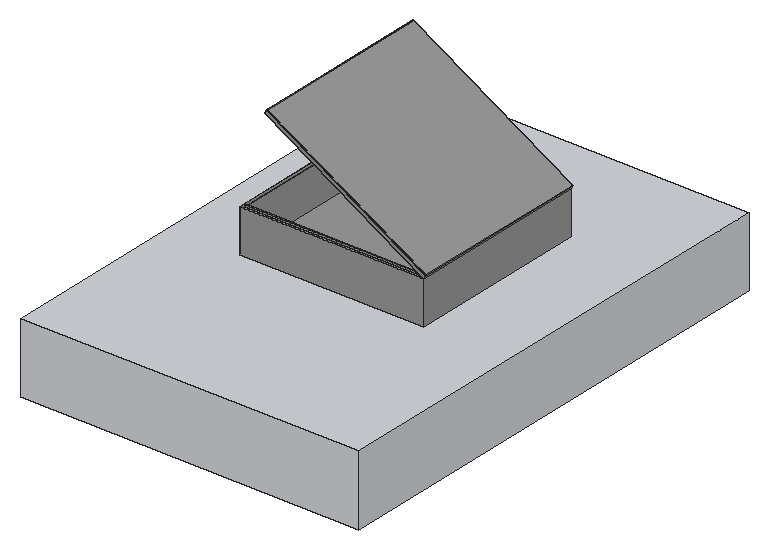
Revit family "Hager-Univers-IP44-D205-H800-Cl.II-Encl-SE-en", category Equipement électrique, Revit 2020
Family settings
  Hôte = Face
  Configuration du panneau = Deux colonnes, circuits au sein
  Cote de connecteur circulaire = Utiliser le diamètre
  Type d'élément = Tableau de raccordement
  Couper avec des vides une fois chargée = Non
  Partagée = Non
  Point de calcul de pièce = Non
Parameters (values of type "Surface mounted (plaster) IP44 W800 H800 D205  - FP53SN2")
  Width Control [instance] = if([EF000008 - Width] > Min Width, [EF000008 - Width], Min Width)  # 800 mm
  Commentaires du type = [HG000003 - Range]  # "Univers"
  Thickness Door [instance] = if([EF009171 - Material plate thickness door/cover] > 3 mm, 3 mm, [EF009171 - Material plate thickness door/cover])  # 1 mm
  Seal Frame Offset [instance] = 17 mm  # constant formula
  Plinth Visibility [instance] = [HG000027 - Plinth height] > 0 mm  # no
  Model = ""
  Min Width [instance] = 100 mm  # constant formula
  Min Height [instance] = 100 mm  # constant formula
  Min Depth [instance] = (2 * [EF009170 - Material plate thickness cabinet]) + 1 mm  # 3 mm
  Internal Frame Depth [instance] = (Door System Depth * 0.5)  # 9 mm
  Height Control [instance] = if([EF000040 - Height] > Min Height, [EF000040 - Height], Min Height)  # 800 mm
  HG000027 - Plinth height = 0 mm
  HG000026 - Floor standing = no
  HG000024 - Bottom section height = 800 mm
  HG000023 - Double section enclosure = no
  HG000016 - Door 3d visibility [instance] = yes
  HG000015 - Clearance visibility [instance] = no
  HG000014 - Door on the right [instance] = yes
  HG000013 - Door on the left [instance] = not([HG000014 - Door on the right])  # no
  HG000012 - Door swing angle [instance] = 30.00°
  HG000010 - Asymmetric doors = no
  HG000009 - Double swing door = no
  HG000006 - Flush mounted = no
  HG000004 - Manufacturer reference = "FP53SN2"
  HG000003 - Range = "Univers"
  HG000002 - With door or cover = yes
  Frame Offset Bottom [instance] = 10 mm  # constant formula
  Frame Offset [instance] = 15 mm  # constant formula
  EF015940 - Cover with overpressure release = no
  EF011959 - Degree of protection (NEMA) = ""
  EF009554 - Number of openings for flange plates = 6
  EF009212 - Cover model = "EV000116 - Closed"
  EF009171 - Material plate thickness door/cover = 1 mm
  EF009170 - Material plate thickness cabinet = 1 mm
  Fabricant = "Hager"  # constant formula
  EF008873 - Nominal current (In) = 250 A
  EF007800 - Suitable for lightning protection = no
  EF006306 - With lock = no
  EF006244 - Transparent cover/door = no
  EF005474 - Degree of protection (IP) = "EV006418 - IP44"
  EF004464 - Type of door = "EV002646 - Single"
  EF004427 - Number of modules = 180
  EF004293 - Impact strength = "EV006815 - IK09"
  EF003532 - Suitable for outdoor use = no
  EF002950 - Width in number of modular spacings = 36
  EF001613 - Circuit integrity = "EV000494 - None"
  EF001596 - Material housing = "EV000179 - Steel"
  EF001131 - Internal depth = 130 mm
  EF001088 - Extension possible = yes
  EF000437 - Number of conduit inlets = 6
  EF000339 - Type of cover = "EV004216 - Door"
  EF000266 - Number of rows = 5
  EF000218 - Built-in depth = 205 mm
  EF000118 - With mounting plate = no
  EF000116 - RAL-number = "9010"
  EF000049 - Depth = 205 mm
  EF000040 - Height = 800 mm
  EF000008 - Width = 800 mm
  EF000007 - Colour = "EV000202 - White"
  EF000003 - Mounting method = "EV000384 - Surface mounted (plaster)"
  Door System Leaf Tolerance [instance] = 1.5 mm  # constant formula
  Door System Depth [instance] = 18 mm  # constant formula
  Door Height [instance] = Height Control - [HG000027 - Plinth height]  # 800 mm
  Depth Control [instance] = if([EF000049 - Depth] > Min Depth, [EF000049 - Depth], Min Depth)  # 205 mm
  Default Elevation = 0 mm
  Connector Offset [instance] = Height Control / 2  # 400 mm
  Bottom Top Plate Trim [instance] = 1.5 mm  # constant formula
  Plinth height Ctrl [instance] = if([HG000027 - Plinth height] > 0 mm, [HG000027 - Plinth height], 12 mm)  # 12 mm
Types (5, lengths in mm): name | Width Control | HG000010 - Asymmetric doors | HG000009 - Double swing door | HG000004 - Manufacturer reference | EF009554 - Number of openings for flange plates | EF004464 - Type of door | EF004427 - Number of modules | EF002950 - Width in number of modular spacings | EF000437 - Number of conduit inlets | EF000339 - Type of cover | EF000008 - Width
  Surface mounted (plaster) IP44 W1050 H800 D205  - FP54SN2 | 1050 | no | yes | "FP54SN2" | 8 | "EV003602 - Double" | 240 | 48 | 8 | "EV004216 - Door" | 1050
  Surface mounted (plaster) IP44 W1300 H800 D205  - FP55SN2 | 1300 | yes | yes | "FP55SN2" | 10 | "EV003602 - Double" | 300 | 60 | 10 | "EV004216 - Door" | 1300
  Surface mounted (plaster) IP44 W300 H800 D205  - FP51SN2 | 300 | no | no | "FP51SN2" | 2 | "EV002646 - Single" | 60 | 12 | 2 | "EV001012 - Cover" | 300
  Surface mounted (plaster) IP44 W550 H800 D205  - FP52SN2 | 550 | no | no | "FP52SN2" | 4 | "EV002646 - Single" | 120 | 24 | 4 | "EV001012 - Cover" | 550
  Surface mounted (plaster) IP44 W800 H800 D205  - FP53SN2 | 800 | no | no | "FP53SN2" | 6 | "EV002646 - Single" | 180 | 36 | 6 | "EV004216 - Door" | 800
Reference planes
  plane 1 "Center (Front/Back)": y = 0
  plane 2: z = 0
  plane 3 "Center (Left/Right)": x = 0
  plane 4: z = 205
  plane 5: y = 1
  plane 6: y = 400
  plane 7: y = 0
  plane 8: y = 800
  plane 9: z = 0
  plane 10: x = -385
  plane 11: x = 385
  plane 12: x = 384
  plane 13: x = -384
  plane 14: y = 799
  plane 15: x = -383
  plane 16: x = -400
  plane 17: x = 383
  plane 18: x = 400
  plane 19: x = 399
  plane 20: x = -399
  plane 21: y = 11
  plane 22: y = 800
  plane 23: y = 784
  plane 24: z = 187
  plane 25: z = 1
  plane 26: z = 186
  plane 27: z = 204
Forms (mm)
  Extrusion 1, solid
    sketch origin (0, 0, 0) x (1, 0, 0) y (0, 1, 0)
      loop
        line (-702.964, 1305) -> (-702.964, -811.445) -> (766.763, -811.445) -> (766.763, 1305) -> (-702.964, 1305)
    from 0 to -304.8
  Extrusion 2, solid, material "Hager_Steel_RAL7035_Light_Grey", visible <- "Plinth Visibility", detail levels medium+fine
    sketch origin (0, 0, 0) x (1, 0, 0) y (0, 1, 0)
      loop
        line (-400, 0) -> (400, 0) -> (400, 12) -> (-400, 12) -> (-400, 0)
    from 0 to 187
  Extrusion 3, solid, material "Hager_Steel_RAL7035_Light_Grey", detail levels medium+fine
    sketch origin (0, 0, 0) x (1, 0, 0) y (0, 1, 0)
      loop
        line (-400, 0) -> (400, 0) -> (400, 800) -> (-400, 800) -> (-400, 0)
    from 0 to 187
  Extrusion 4, void
    sketch origin (0, 0, 0) x (1, 0, 0) y (0, 1, 0)
      loop
        line (-399, 1) -> (399, 1) -> (399, 799) -> (-399, 799) -> (-399, 1)
    from 1 to 186
  Extrusion 5, void
    sketch origin (-381.607, -4572, 187) x (0, -1, 0) y (-1, 0, 0)
      loop
        line (-4583, 2.393) -> (-5356, 2.393) -> (-5356, -765.607) -> (-4583, -765.607) -> (-4583, 2.393)
    from 0 to 1 <- "EF009170 - Material plate thickness cabinet"
  Extrusion 6, solid, material "Hager_Steel_RAL7035_Light_Grey", detail levels fine
    sketch origin (0, 0, 187) x (1, 0, 0) y (0, 1, 0)
      loop
        line (-384, 784) -> (-384, 11) -> (384, 11) -> (384, 784) -> (-384, 784)
      loop
        line (-385, 10) -> (385, 10) -> (385, 785) -> (-385, 785) -> (-385, 10)
    from 0 to 9 <- "Internal Frame Depth"
  Extrusion 7, solid, material "Hager_Steel_RAL7035_Light_Grey", detail levels coarse
    sketch origin (0, 0, 0) x (1, 0, 0) y (0, 1, 0)
      loop
        line (-400, 0) -> (400, 0) -> (400, 800) -> (-400, 800) -> (-400, 0)
    from 0 to 205
  Sweep 8, void
    path in 3D
      loop
        line (-400, 12, 0) -> (400, 12, 0) -> (400, 12, 187) -> (-400, 12, 187) -> (-400, 12, 0)
    profile origin (-400, 12, 93.5) x (-1, 0, 0) y (0, -1, 0)
      loop
        line (0, 0) -> (0, 1.5) -> (-1.5, 1.5)
        arc (-1.5, 1.5) -> (-1.061, 0.439) -> (0, 0) r 1.5
Cuts and joins
  Extrusion 4, Extrusion 5 cuts Extrusion 3
  Sweep 8 cuts Extrusion 2
Lines and regions (mm)
  Masking region 1
    outline origin (0, 0, 0) x (1, 0, 0) y (0, 0, 1)
      loop
        line (-400, 205) -> (-400, 0) -> (400, 0) -> (400, 205) -> (-400, 205)
  Masking region 2, detail levels medium+fine
    outline origin (0, 140, 0) x (0, 1, 0) y (0, 0, 1)
      loop
        line (-140, 0) -> (660, 0) -> (660, 187) -> (-140, 187) -> (-140, 0)
  Masking region 3, not visible, detail levels medium+fine
    outline origin (0, 297.922, 0) x (0, 1, 0) y (0, 0, 1)
      loop
        line (113.578, 0) -> (153.578, 0) -> (153.578, 194)
        arc (153.578, 194) -> (150.649, 201.071) -> (143.578, 204) r 10
        line (143.578, 204) -> (113.578, 204) -> (113.578, 0)
  Masking region 4, detail levels coarse
    outline origin (0, 0, 180) x (0, 1, 0) y (0, 0, 1)
      loop
        line (0, -180) -> (800, -180) -> (800, 25) -> (0, 25) -> (0, -180)
  Masking region 5, visible <- "Plinth Visibility", detail levels medium+fine
    outline origin (0, 52.24, 12.345) x (0, 0, -1) y (0, 1, 0)
      loop
        line (10.845, -40.24) -> (-173.155, -40.24)
        arc (-173.155, -40.24) -> (-173.594, -41.301) -> (-174.655, -41.74) r 1.5
        line (-174.655, -41.74) -> (-174.655, -52.24) -> (12.345, -52.24) -> (12.345, -41.74)
        arc (12.345, -41.74) -> (11.285, -41.301) -> (10.845, -40.24) r 1.5
  Masking region 6, detail levels medium+fine
    outline origin (-381.607, -4572, 187) x (-1, 0, 0) y (0, -1, 0)
      loop
        line (18.393, -5372) -> (18.393, -4572) -> (-781.607, -4572) -> (-781.607, -5372) -> (18.393, -5372)
  Masking region 7, visible <- "Plinth Visibility", detail levels medium+fine
    outline origin (-381.607, -4727, 187) x (-1, 0, 0) y (0, -1, 0)
      loop
        arc (16.893, -4739) -> (17.332, -4737.939) -> (18.393, -4737.5) r 1.5
        line (18.393, -4737.5) -> (18.393, -4727) -> (-781.607, -4727) -> (-781.607, -4737.5)
        arc (-781.607, -4737.5) -> (-780.546, -4737.939) -> (-780.107, -4739) r 1.5
        line (-780.107, -4739) -> (16.893, -4739)
  Masking region 8, detail levels coarse
    outline origin (-442.548, -4669.526, 187) x (-1, 0, 0) y (0, -1, 0)
      loop
        line (-42.548, -5469.526) -> (-42.548, -4669.526) -> (-842.548, -4669.526) -> (-842.548, -5469.526) -> (-42.548, -5469.526)
  sketch lines
    curve 1: line (-400, 12, 187) -> (-400, 12, 0)
    curve 2: line (400, 12, 187) -> (-400, 12, 187)
    curve 3: line (400, 12, 187) -> (400, 12, 0)
    curve 4: line (-400, 12, 0) -> (400, 12, 0)
Dimensions and locks
  "Depth Control": plane 4 to Extrusion 1
  "HG000027 - Plinth height": plane 1 "Center (Front/Back)" to plane 7
  "EF009170 - Material plate thickness cabinet": plane 5 to plane 7
  locked: connector elem to plane 3 "Center (Left/Right)"
  equal spacing: plane 8, plane 6, plane 7
  locked: connector elem to plane 6
  "EF009170 - Material plate thickness cabinet": plane 8 to plane 14
  "EF009170 - Material plate thickness cabinet": plane 10 to plane 13
  "EF009170 - Material plate thickness cabinet": plane 12 to plane 11
  "Frame Offset": plane 20 to plane 13
  "Frame Offset": plane 12 to plane 19
  "EF009170 - Material plate thickness cabinet": plane 16 to plane 20
  "EF009170 - Material plate thickness cabinet": plane 19 to plane 18
  "Seal Frame Offset": plane 16 to plane 15
  "Seal Frame Offset": plane 17 to plane 18
  "Frame Offset Bottom": plane 21 to plane 5
  "Frame Offset": plane 14 to plane 23
  equal spacing: plane 16, plane 3 "Center (Left/Right)", plane 18
  "Width Control": plane 16 to plane 18
  "EF009170 - Material plate thickness cabinet": plane 4 to plane 27
  "EF009170 - Material plate thickness cabinet": plane 24 to plane 26
  "EF009170 - Material plate thickness cabinet": plane 25 to level
  "Door System Depth": plane 4 to plane 24
  "Height Control": plane 1 "Center (Front/Back)" to Extrusion 7 sketch curve
  "Height Control": Masking region 4 sketch curve to plane 1 "Center (Front/Back)"
  "Height Control": plane 1 "Center (Front/Back)" to plane 22
  "Bottom Top Plate Trim": profile plane to Sweep 8 sketch curve
  "Bottom Top Plate Trim": Sweep 8 sketch curve to profile plane
  "Plinth height Ctrl": plane 1 "Center (Front/Back)" to Extrusion 2 sketch curve
  "Plinth height Ctrl": Masking region 5 sketch curve to plane 1 "Center (Front/Back)"
  "Plinth height Ctrl": plane 1 "Center (Front/Back)" to Masking region 7 sketch curve
  "Thickness Door": Extrusion 6 sketch curve to Extrusion 6 sketch curve  (x3)
  "Thickness Door": cut or joined group of Extrusion 3, Extrusion 4, Extrusion 5 to Extrusion 6 sketch curve
  radius of Masking region 3 sketch curve = 10 mm
  "Bottom Top Plate Trim": radius of Masking region 5 sketch curve  (x2)
  "Bottom Top Plate Trim": radius of Sweep 8 sketch curve
  "Bottom Top Plate Trim": radius of Masking region 7 sketch curve  (x2)
  aligned and locked: plane 2 to Extrusion 1
  aligned and locked: level to Extrusion 1
  aligned and locked: level to Masking region 1 sketch curve
  aligned and locked: Masking region 1 sketch curve to plane 18
  aligned and locked: Masking region 1 sketch curve to plane 16
  aligned and locked: plane 7 to Masking region 2 sketch curve
  aligned and locked: level to Masking region 3 sketch curve
  aligned and locked: Masking region 3 sketch curve to plane 27
  aligned and locked: level to Masking region 2 sketch curve
  aligned and locked: plane 1 "Center (Front/Back)" to Extrusion 2 sketch curve
  aligned and locked: Extrusion 3 sketch curve to plane 7
  aligned and locked: plane 16 to Extrusion 3 sketch curve
  aligned and locked: plane 18 to Extrusion 3 sketch curve
  aligned and locked: plane 20 to Extrusion 4 sketch curve
  aligned and locked: plane 19 to Extrusion 4 sketch curve
  aligned and locked: Extrusion 4 sketch curve to plane 5
  aligned and locked: Extrusion 4 to plane 25
  aligned and locked: plane 26 to Extrusion 4
  aligned and locked: plane 24 to Extrusion 3
  aligned and locked: Extrusion 5 sketch curve to plane 21
  aligned and locked: Extrusion 5 sketch curve to plane 13
  aligned and locked: Extrusion 5 sketch curve to plane 12
  aligned and locked: plane 18 to Extrusion 7 sketch curve
  aligned and locked: plane 1 "Center (Front/Back)" to Extrusion 7 sketch curve
  aligned and locked: plane 16 to Extrusion 7 sketch curve
  aligned and locked: plane 4 to Extrusion 7
  aligned and locked: Extrusion 7 to level
  aligned and locked: level to Masking region 4 sketch curve
  aligned and locked: Masking region 4 sketch curve to plane 1 "Center (Front/Back)"
  aligned and locked: Masking region 4 sketch curve to plane 4
  aligned and locked: nested 1 to level
  aligned and locked: nested 1 to plane 16
  aligned and locked: plane 8 to Extrusion 3 sketch curve
  aligned and locked: plane 23 to Extrusion 5 sketch curve
  aligned and locked: plane 14 to Extrusion 4 sketch curve
  aligned and locked: Masking region 2 sketch curve to plane 8
  aligned and locked: level to Masking region 5 sketch curve
  aligned and locked: plane 16 to Extrusion 2 sketch curve
  aligned and locked: plane 18 to Extrusion 2 sketch curve
  aligned and locked: Masking region 5 sketch curve to plane 24
  aligned and locked: Masking region 2 sketch curve to plane 24
  aligned and locked: plane 24 to Extrusion 2
  aligned and locked: profile plane to Sweep 8 sketch curve  (x2)
  aligned and locked: Masking region 6 sketch curve to plane 18
  aligned and locked: Masking region 6 sketch curve to plane 22
  aligned and locked: Masking region 6 sketch curve to plane 16
  aligned and locked: plane 8 to plane 22
  aligned and locked: Masking region 6 sketch curve to plane 7
  aligned and locked: Masking region 7 sketch curve to plane 16
  aligned and locked: Masking region 7 sketch curve to plane 1 "Center (Front/Back)"
  aligned and locked: Masking region 7 sketch curve to plane 18
  aligned and locked: Masking region 8 sketch curve to plane 1 "Center (Front/Back)"
  aligned and locked: Masking region 8 sketch curve to plane 18
  aligned and locked: Masking region 8 sketch curve to plane 22
  aligned and locked: Masking region 8 sketch curve to plane 16
  aligned and locked: nested 2 to plane 7
  aligned and locked: plane 3 "Center (Left/Right)" to nested 2
  aligned and locked: nested 2 to plane 24
  aligned and locked: Extrusion 6 sketch curve to cut or joined group of Extrusion 3, Extrusion 4, Extrusion 5  (x4)
Automatic sketch dimensions
  Extrusion 1 sketch curve to Extrusion 1 sketch curve = 1469.727 mm
  Extrusion 1 sketch curve to Extrusion 1 sketch curve = 2116.445 mm
  Masking region 1 sketch curve to plane 4 = 0 mm
  plane 6 to Masking region 3 sketch curve = 11.5 mm
  Masking region 3 sketch curve to Masking region 3 sketch curve = 30 mm
  Masking region 5 sketch curve to plane 1 "Center (Front/Back)" = 0 mm
Nested families
  nested 1: "Hager_Enclosure_Symbol" at (-400, 0, 0) x (1, 0, 0) z (0, -1, 0), Height <- "Depth Control", Width <- "Width Control", type "Hager_Enclosure_Symbol"
    with Width_Ctrl 800 mm, Width 800 mm, Height_Ctrl 205 mm, Height 205 mm, A_Width_Int 13.453 mm, A_Width 161.438 mm, A_Height_Ctrl 179.375 mm, A_Height 179.375 mm
  nested 2: "EC000058_Univers_Door" at (0, 0, 187) x (1, 0, 0) z (0, 1, 0), Leaf_Tolerance <- "Door System Leaf Tolerance", Angle <- "HG000012 - Door swing angle", Door_Depth <- "Door System Depth", Door_Left <- "HG000013 - Door on the left", Transparent <- "EF006244 - Transparent cover/door", Assymetrical <- "HG000010 - Asymmetric doors", Width <- "Width Control", Clearance <- "HG000015 - Clearance visibility", Double <- "HG000009 - Double swing door", 3d_Door <- "HG000016 - Door 3d visibility", Lock_Visibility <- "EF006306 - With lock", Width_Ctrl <- "Width Control", Door_Right <- "HG000014 - Door on the right", Door <- "HG000002 - With door or cover", Height <- "Door Height", Thickness <- "Thickness Door", type "EC000058_Univers_Door", detail levels medium+fine
    with min_wh 3 mm, Width_Ctrl 800 mm, Width 800 mm, Transparent no, Thickness 1 mm, Seal_Material Hager_Rubber, Lock_Visibility no, Lock_Material Hager_Plastic_RAL9005_Jet_Black, Leaf_Width 800 mm, Leaf_Tolerance_External_Sides 0 mm, Leaf_Tolerance 1.5 mm, Leaf_Offset 0 mm, Leaf_Height 797 mm, Leaf_2_Width 800 mm, Leaf_2_Offset 400 mm, Leaf_1_Width 800 mm, Leaf_1_Offset 400 mm, Height_Ctrl 800 mm, Height 800 mm, Glass_Material Hager_Glass, Double_Clearance_Ctrl no, Double no, Door_Right_Ctrl yes, Door_Right yes, Door_Material Hager_Steel_RAL7035_Light_Grey, Door_Left_Ctrl no, Door_Left no, Door_Depth 18 mm, Door yes, Clearance_Material Hager_Clearance, Clearance_Depth 800 mm, Clearance_Ctrl no, Clearance no, Assymetrical no, Angle 30.00°, 3d_Door yes
Connectors
  electrical at (0, 400, 0)
    settings: on plane 9, index 1, voltage 0 V, apparent load 0 VA, apparent load phase1 0 VA, apparent load phase2 0 VA, apparent load phase3 0 VA, power factor 1, load classification "Other", number of poles 1, system type 30, power factor state 1, is connector primary yes, connector utility no, sub classification motor no, connector description ""
Definition of nested family "EC000058_Univers_Door"
  Parameters (values of type "EC000058_Univers_Door")
    min_wh [instance] = (2 * Thickness) + 1 mm  # 11 mm
    Width_Ctrl [instance] = 400 mm
    Width [instance] = 500 mm
    Transparent [instance] = yes
    Thickness [instance] = 5 mm
    Seal_Material [instance] = none
    Lock_Visibility [instance] = yes
    Lock_Material [instance] = none
    Leaf_Width [instance] = if((Width_Ctrl - 2 * Leaf_Tolerance_External_Sides) > 0 mm, (Width_Ctrl - 2 * Leaf_Tolerance_External_Sides), min_wh)  # 400 mm
    Leaf_Tolerance_External_Sides [instance] = 0 mm  # constant formula
    Leaf_Tolerance [instance] = 1.5 mm
    Leaf_Offset [instance] = 0 mm  # constant formula
    Leaf_Height [instance] = if((Height_Ctrl - 2 * Leaf_Tolerance) > 0 mm, (Height_Ctrl - 2 * Leaf_Tolerance), min_wh)  # 497 mm
    Leaf_2_Width [instance] = if(and(and(Double, Assymetrical), Door_Left), (Leaf_Width / 3) - (Leaf_Tolerance / 2), if(and(and(Double, Assymetrical), Door_Right), (Leaf_Width / 3) * 2 - (Leaf_Tolerance / 2), if(and(Double, not(Assymetrical)), (Leaf_Width / 2) - Leaf_Tolerance, Leaf_Width)))  # 400 mm
    Leaf_2_Offset [instance] = if(and(Double, Assymetrical), Leaf_2_Width / 2, if(and(Double, not(Assymetrical)), Leaf_Width / 4, Leaf_Width / 2))  # 200 mm
    Leaf_1_Width [instance] = if(and(and(Double, Assymetrical), Door_Right), (Leaf_Width / 3) - (Leaf_Tolerance / 2), if(and(and(Double, Assymetrical), Door_Left), (Width / 3) * 2 - (Leaf_Tolerance / 2), if(and(Double, not(Assymetrical)), (Leaf_Width / 2) - Leaf_Tolerance, Leaf_Width)))  # 400 mm
    Leaf_1_Offset [instance] = if(and(Double, Assymetrical), Leaf_1_Width / 2, if(and(Double, not(Assymetrical)), Leaf_Width / 4, Leaf_Width / 2))  # 200 mm
    Height_Ctrl [instance] = if(Height > min_wh, Height, min_wh)  # 500 mm
    Height [instance] = 500 mm
    Glass_Material [instance] = none
    Double_Clearance_Ctrl [instance] = and(Double, Clearance)  # no
    Double [instance] = no
    Door_Right_Ctrl [instance] = and(or(Door_Right, Double), Door)  # yes
    Door_Right [instance] = yes
    Door_Material [instance] = none
    Door_Left_Ctrl [instance] = and(or(Door_Left, Double), Door)  # no
    Door_Left [instance] = no
    Door_Depth [instance] = 30 mm
    Door [instance] = yes
    Default Elevation = 1219.2 mm
    Clearance_Material [instance] = none
    Clearance_Depth [instance] = if(Leaf_1_Width > Leaf_2_Width, Leaf_1_Width, Leaf_2_Width)  # 400 mm
    Clearance_Ctrl [instance] = and(not(Double), Clearance)  # yes
    Clearance [instance] = yes
    Assymetrical [instance] = yes
    Angle [instance] = 30.00°
    3d_Door [instance] = yes
  Reference planes
    plane 1 "Center (Front/Back)": y = 0
    plane 2 "Bottom": z = 0
    plane 3 "Center (Left/Right)": x = 0
    plane 4: z = 500
    plane 5: x = -200
    plane 6: x = 200
    plane 7: z = 500
    plane 8: x = -200
    plane 9: z = 0
    plane 10: x = 200
    plane 11: y = 0
    plane 12: z = 1.5
    plane 13: x = -600
    plane 14: y = -400
    plane 15: x = 600
    plane 16: x = 0
    plane 17: x = 0
    plane 18: x = -200
    plane 19: x = 200
    plane 20: z = 498.5
  Forms (mm)
    Extrusion 1, solid, material <- "Clearance_Material", visible <- "Double_Clearance_Ctrl"
      sketch origin (1200, 0, 0) x (1, 0, 0) y (0, 0, -1)
        loop
          line (-1800, -498.5) -> (-600, -498.5) -> (-600, 0) -> (-1800, 0) -> (-1800, -498.5)
      from 0 to -400
  Dimensions and locks
    equal spacing: plane 5, plane 3 "Center (Left/Right)", plane 6
    "Width_Ctrl": plane 5 to plane 6
    "Leaf_Offset": plane 5 to plane 8
    "Leaf_Offset": plane 6 to plane 10
    "Leaf_Offset": plane 9 to level
    "Leaf_Offset": plane 4 to plane 7
    "Height_Ctrl": plane 4 to level
    "Leaf_Tolerance": plane 12 to plane 9
    locked: plane 11 to plane 1 "Center (Front/Back)"
    "Leaf_1_Offset": plane 18 to plane 16
    "Leaf_2_Offset": plane 17 to plane 19
    "Leaf_1_Width": plane 13 to plane 8
    "Leaf_2_Width": plane 10 to plane 15
    "Clearance_Depth": plane 14 to plane 1 "Center (Front/Back)"
    "Leaf_Tolerance_External_Sides": plane 8 to plane 18
    "Leaf_Tolerance_External_Sides": plane 19 to plane 10
    "Leaf_Tolerance": plane 7 to plane 20
    aligned and locked: level to plane 2 "Bottom"
    aligned and locked: nested 1 to plane 16
    aligned and locked: nested 2 to plane 17
    aligned and locked: Extrusion 1 to plane 13
    aligned and locked: plane 15 to Extrusion 1
    aligned and locked: Extrusion 1 to plane 14
    aligned and locked: plane 12 to nested 1
    aligned and locked: nested 2 to plane 12
    aligned and locked: Extrusion 1 to plane 11
    aligned and locked: plane 20 to Extrusion 1
    aligned and locked: nested 2 to plane 11
    aligned and locked: nested 1 to plane 11
  Automatic sketch dimensions
    Extrusion 1 sketch curve to level = 0 mm
    plane 5 to Extrusion 1 sketch curve = 400 mm
    plane 6 to Extrusion 1 sketch curve = 400 mm
    Extrusion 1 sketch curve to plane 4 = 1.5 mm
  Nested families
    nested 1: "EC000058_Univers_Door_Leaf" at (0, 0, 1.5), Width <- "Leaf_1_Width", visible <- "Door_Left_Ctrl", Leaf_Height <- "Leaf_Height", Angle <- "Angle", 3d_Door <- "3d_Door", Transparent <- "Transparent", Clearance Material <- "Clearance_Material", Clearance <- "Clearance_Ctrl", Door_Material <- "Door_Material", Glass_Material <- "Glass_Material", Door_Depth <- "Door_Depth", Lock_Material <- "Lock_Material", Seal_Material <- "Seal_Material", Lock_Visibility <- "Lock_Visibility", Thickness <- "Thickness", type "EC000058_Univers_Door_Leaf"
      with Width 400 mm, Transparent_Glass_Offset 30 mm, Transparent_Ctrl yes, Transparent yes, Thickness 5 mm, Standard no, Seal_Material none, Seal_D2 8 mm, Seal_D1 1 mm, Offset_Internal_Frame 10 mm, Lock_Width 20 mm, Lock_Visibility_3d yes, Lock_Visibility yes, Lock_Thickness_3 3 mm, Lock_Thickness_2 1 mm, Lock_Thickness_1 3 mm, Lock_Radius_Offset_2 16 mm, Lock_Radius_Offset_1 15 mm, Lock_Radius_2 5 mm, Lock_Radius 6 mm, Lock_Offset 5 mm, Lock_Material none, Lock_Height 80 mm, Lock_Cover_Top_Offset_2d 17 mm, Lock_Cover_Height -65 mm, Leaf_Height 497 mm, Internal_Seal_Thickness 8 mm, Internal_Seal_Depth_2 4.5 mm, Internal_Frame_Depth 25 mm, Glass_Thickness -1 mm, Glass_Offset -2 mm, Glass_Material none, Door_Material none, Door_Depth 30 mm, Clearance Material none, Clearance yes, Angle_Ctrl 30.00°, Angle 30.00°, 3d_Door yes
    nested 2: "EC000058_Univers_Door_Leaf" at (0, 0, 1.5) x (-1, 0, 0) z (0, 0, 1), Width <- "Leaf_2_Width", visible <- "Door_Right_Ctrl", Leaf_Height <- "Leaf_Height", Angle <- "Angle", 3d_Door <- "3d_Door", Transparent <- "Transparent", Clearance Material <- "Clearance_Material", Clearance <- "Clearance_Ctrl", Door_Material <- "Door_Material", Glass_Material <- "Glass_Material", Door_Depth <- "Door_Depth", Lock_Material <- "Lock_Material", Seal_Material <- "Seal_Material", Lock_Visibility <- "Lock_Visibility", Thickness <- "Thickness", type "EC000058_Univers_Door_Leaf"
      with Width 400 mm, Transparent_Glass_Offset 30 mm, Transparent_Ctrl yes, Transparent yes, Thickness 5 mm, Standard no, Seal_Material none, Seal_D2 8 mm, Seal_D1 1 mm, Offset_Internal_Frame 10 mm, Lock_Width 20 mm, Lock_Visibility_3d yes, Lock_Visibility yes, Lock_Thickness_3 3 mm, Lock_Thickness_2 1 mm, Lock_Thickness_1 3 mm, Lock_Radius_Offset_2 16 mm, Lock_Radius_Offset_1 15 mm, Lock_Radius_2 5 mm, Lock_Radius 6 mm, Lock_Offset 5 mm, Lock_Material none, Lock_Height 80 mm, Lock_Cover_Top_Offset_2d 17 mm, Lock_Cover_Height -65 mm, Leaf_Height 497 mm, Internal_Seal_Thickness 8 mm, Internal_Seal_Depth_2 4.5 mm, Internal_Frame_Depth 25 mm, Glass_Thickness -1 mm, Glass_Offset -2 mm, Glass_Material none, Door_Material none, Door_Depth 30 mm, Clearance Material none, Clearance yes, Angle_Ctrl 30.00°, Angle 30.00°, 3d_Door yes
  Definition of nested family "EC000058_Univers_Door_Leaf"
    Parameters (values of type "EC000058_Univers_Door_Leaf")
      Width [instance] = 2000 mm
      Transparent_Glass_Offset [instance] = 30 mm
      Transparent_Ctrl [instance] = and(Transparent, [3d_Door])  # yes
      Transparent [instance] = yes
      Thickness [instance] = 5 mm
      Standard [instance] = and(not(Transparent), [3d_Door])  # no
      Seal_Material [instance] = none
      Seal_D2 [instance] = 8 mm  # constant formula
      Seal_D1 [instance] = 1 mm  # constant formula
      Offset_Internal_Frame [instance] = 10 mm  # constant formula
      Lock_Width [instance] = 20 mm  # constant formula
      Lock_Visibility_3d [instance] = and(Lock_Visibility, [3d_Door])  # yes
      Lock_Visibility [instance] = yes
      Lock_Thickness_3 [instance] = 3 mm  # constant formula
      Lock_Thickness_2 [instance] = 1 mm  # constant formula
      Lock_Thickness_1 [instance] = 3 mm  # constant formula
      Lock_Radius_Offset_2 [instance] = Lock_Radius_Offset_1 + 1 mm  # 16 mm
      Lock_Radius_Offset_1 [instance] = 15 mm  # constant formula
      Lock_Radius_2 [instance] = Lock_Radius - 1 mm  # 5 mm
      Lock_Radius [instance] = 6 mm  # constant formula
      Lock_Offset [instance] = 5 mm  # constant formula
      Lock_Material [instance] = none
      Lock_Height [instance] = 80 mm  # constant formula
      Lock_Cover_Top_Offset_2d [instance] = Lock_Radius_Offset_2 + 1 mm  # 17 mm
      Lock_Cover_Height [instance] = -(Lock_Height - Lock_Radius_Offset_1)  # -65 mm
      Leaf_Height [instance] = 2720.336 mm
      Internal_Seal_Thickness [instance] = 8 mm  # constant formula
      Internal_Seal_Depth_2 [instance] = 4.5 mm  # constant formula
      Internal_Frame_Depth [instance] = if(Door_Depth - Thickness > 5 mm, Door_Depth - Thickness, 5 mm)  # 25 mm
      Glass_Thickness [instance] = if(Thickness > 15 mm, Glass_Offset + 10 mm, -1 mm)  # -1 mm
      Glass_Offset [instance] = if(Thickness > 15 mm, -(Thickness + 10 mm) / 2, -2 mm)  # -2 mm
      Glass_Material [instance] = none
      Door_Material [instance] = none
      Door_Depth [instance] = 30 mm
      Default Elevation = 0 mm
      Clearance Material [instance] = none
      Clearance [instance] = yes
      Angle_Ctrl [instance] = if(Angle > 180.00°, 180.00°, Angle)  # 90.00°
      Angle [instance] = 90.00°
      3d_Door [instance] = yes
    Reference planes
      plane 1 "Center (Front/Back)": y = 0
      plane 2: z = 0
      plane 3 "Center (Left/Right)": x = 0
      plane 4: y = 2000
      plane 5: x = -1000
      plane 6: x = 1000
      plane 7: x = -3000
      plane 8: z = 2720.336
      plane 9: z = 30
      plane 10: z = 2690.336
      plane 11: x = 970
      plane 12: x = -970
      plane 13: y = -3
      plane 14: z = 107.833
      plane 15: y = -5
      plane 16: y = -223.314
      plane 17: x = -1000
      plane 18: z = 1360.168
      plane 19: y = 30
    Forms (mm)
      Extrusion 1, solid, material <- "Clearance Material", visible <- "Clearance"
        sketch origin (0, 0, 0) x (1, 0, 0) y (0, 0, 1)
          loop
            line (-3000, 2720.336) -> (-3000, 0) -> (1000, 0) -> (1000, 2720.336) -> (-3000, 2720.336)
        from 0 to -2000
      Extrusion 2, solid, material <- "Door_Material", visible <- "Standard", detail levels medium+fine
        sketch origin (-1000, 0, 0) x (0, 1, 0) y (-1, 0, 0)
          loop
            line (0, 30) -> (0, 25) -> (2000, 25) -> (2000, 30) -> (0, 30)
        from 0 to 2720.336 <- "Leaf_Height"
      Extrusion 3, solid, material <- "Door_Material", visible <- "Transparent_Ctrl", detail levels medium+fine
        sketch origin (-1000, 0, 0) x (0, 1, 0) y (-1, 0, 0)
          loop
            line (0, 25) -> (2000, 25) -> (2000, 30) -> (0, 30) -> (0, 25)
        from 0 to 2720.336 <- "Leaf_Height"
      Extrusion 4, void
        sketch origin (-1025, 2000, 0) x (0, 1, 0) y (0, 0, -1)
          loop
            line (-30, -2690.336) -> (-30, -30) -> (-1970, -30) -> (-1970, -2690.336) -> (-30, -2690.336)
        from 0 to 5 <- "Thickness"
      Sweep 5, solid, material <- "Seal_Material", visible <- "Transparent_Ctrl", detail levels fine
        path in 3D
          loop
            line (-1025, 30, 30) -> (-1025, 30, 2690.336) -> (-1025, 1970, 2690.336) -> (-1025, 1970, 30) -> (-1025, 30, 30)
        profile origin (-1025, 1000, 30) x (1, 0, 0) y (0, 0, 1)
          loop
            line (0, 0) -> (0, -8) -> (1, -8) -> (1, 0) -> (0, 0)
      Extrusion 6, solid, material <- "Glass_Material", visible <- "Transparent_Ctrl", detail levels medium+fine
        sketch origin (-1030, 0, 0) x (0, 1, 0) y (0, 0, -1)
          loop
            line (1970, -2690.336) -> (1970, -30) -> (30, -30) -> (30, -2690.336) -> (1970, -2690.336)
        from -2 <- "Glass_Offset" to -1 <- "Glass_Thickness"
      Extrusion 7, solid, material <- "Door_Material", visible <- "3d_Door", detail levels medium+fine
        sketch origin (-1025, 2000, 0) x (0, -1, 0) y (0, 0, -1)
          loop
            line (0, -2720.336) -> (2000, -2720.336) -> (2000, 0) -> (0, 0) -> (0, -2720.336)
          loop
            line (1995, -5) -> (5, -5) -> (5, -2715.336) -> (1995, -2715.336) -> (1995, -5)
        from 0 to 25 <- "Internal_Frame_Depth"
      Sweep 8, solid, material <- "Seal_Material", visible <- "Transparent_Ctrl", detail levels fine
        path in 3D
          loop
            line (-1025, 0, 0) -> (-1025, 2000, 0) -> (-1025, 2000, 2720.336) -> (-1025, 0, 2720.336) -> (-1025, 0, 0)
        profile origin (-1025, 0, 1360.168) x (1, 0, 0) y (0, 1, 0)
          loop
            line (0, 10) -> (2.975, 10)
            arc (2.975, 10) -> (4.053, 10.447) -> (4.5, 11.525) r 1.525
            line (4.5, 11.525) -> (4.5, 16.527)
            arc (4.5, 16.527) -> (4.069, 17.569) -> (3.027, 18) r 1.473
            line (3.027, 18) -> (0, 18) -> (0, 10)
      Extrusion 9, solid, material <- "Lock_Material", visible <- "Lock_Visibility_3d", detail levels fine
        sketch origin (-1030, 0, 0) x (0, 1, 0) y (0, 0, -1)
          loop
            arc (1993.5, -1400.168) -> (1994.561, -1399.729) -> (1995, -1398.668) r 1.5
            line (1995, -1398.668) -> (1995, -1320.168) -> (1975, -1320.168) -> (1975, -1398.668)
            arc (1975, -1398.668) -> (1975.439, -1399.729) -> (1976.5, -1400.168) r 1.5
            line (1976.5, -1400.168) -> (1993.5, -1400.168)
        from 3 <- "Lock_Thickness_1" to 0
      Blend 10, solid, material <- "Lock_Material", visible <- "Lock_Visibility_3d", detail levels fine
        base sketch origin (-1033, 0, 0) x (0, 1, 0) y (0, 0, -1)
          loop
            line (1975, -1320.168) -> (1975, -1398.668)
            arc (1975, -1398.668) -> (1975.439, -1399.729) -> (1976.5, -1400.168) r 1.5
            line (1976.5, -1400.168) -> (1993.5, -1400.168)
            arc (1993.5, -1400.168) -> (1994.561, -1399.729) -> (1995, -1398.668) r 1.5
            line (1995, -1398.668) -> (1995, -1320.168) -> (1975, -1320.168)
        top sketch origin (-1033, 0, 0) x (0, 1, 0) y (0, 0, -1)
          loop
            line (1976, -1320.168) -> (1976, -1398.668)
            arc (1976, -1398.668) -> (1976.146, -1399.022) -> (1976.5, -1399.168) r 0.5
            line (1976.5, -1399.168) -> (1993.5, -1399.168)
            arc (1993.5, -1399.168) -> (1993.854, -1399.022) -> (1994, -1398.668) r 0.5
            line (1994, -1398.668) -> (1994, -1320.168) -> (1976, -1320.168)
        from 0 to 1 <- "Lock_Thickness_2"
      Blend 11, solid, material <- "Lock_Material", visible <- "Lock_Visibility_3d", detail levels fine
        base sketch origin (-1034, 0, 0) x (0, 1, 0) y (0, 0, -1)
          loop
            line (1978, -1320.168) -> (1978, -1384.168)
            arc (1978, -1384.168) -> (1985, -1391.168) -> (1992, -1384.168) r 7
            line (1992, -1384.168) -> (1992, -1320.168) -> (1978, -1320.168)
        top sketch origin (-1034, 0, 0) x (0, 1, 0) y (0, 0, -1)
          loop
            line (1991, -1320.168) -> (1979, -1320.168) -> (1979, -1383.168)
            arc (1979, -1383.168) -> (1985, -1389.168) -> (1991, -1383.168) r 6
            line (1991, -1383.168) -> (1991, -1320.168)
        from 0 to 3 <- "Lock_Thickness_3"
      Extrusion 12, solid, material <- "Lock_Material", visible <- "Lock_Visibility_3d", detail levels fine
        sketch origin (-1030, 1975, 1320.168) x (1, 0, 0) y (0, -1, 0)
          loop
            line (-7, -19) -> (-7, -1) -> (0, -1) -> (0, 0) -> (-8, 0) -> (-8, -20) -> (0, -20) -> (0, -19) -> (-7, -19)
        from 0 to -65 <- "Lock_Cover_Height"
      Extrusion 13, void
        sketch origin (-1038, 1995, 1320.168) x (-1, 0, 0) y (0, 0, -1)
          loop
            line (-5, -65) -> (0, -65) -> (-5, -60) -> (-5, -65)
        from 0 to 20 <- "Lock_Width"
      Extrusion 14, void
        sketch origin (-1038, 1975, 1320.168) x (0, -1, 0) y (0, 0, -1)
          loop
            circle (-10, -15.995) r 6
          loop
            circle (-10, -15.995) r 5
        from 0 to 2
      Extrusion 15, solid, material <- "Lock_Material", visible <- "Lock_Visibility_3d", detail levels medium
        sketch origin (-1030, 0, 0) x (0, 1, 0) y (0, 0, -1)
          loop
            arc (1993.5, -1400.168) -> (1994.561, -1399.729) -> (1995, -1398.668) r 1.5
            line (1995, -1398.668) -> (1995, -1320.168) -> (1975, -1320.168) -> (1975, -1398.668)
            arc (1975, -1398.668) -> (1975.439, -1399.729) -> (1976.5, -1400.168) r 1.5
            line (1976.5, -1400.168) -> (1993.5, -1400.168)
        from 8 to 0
    Cuts and joins
      Extrusion 4 cuts Extrusion 3
      Extrusion 13, Extrusion 14 cuts Extrusion 9
      Extrusion 14 cuts Blend 11
      Extrusion 13, Extrusion 14 cuts Extrusion 12
      joined: Extrusion 9, Blend 10, Blend 11, Extrusion 12
      Extrusion 14 cuts Extrusion 15
    Lines and regions (mm)
      Masking region 1, visible <- "Lock_Visibility", detail levels fine
        outline origin (0, 0, 0) x (0, 1, 0) y (0, 0, 1)
          loop
            line (30, 1320.168) -> (33, 1320.168) -> (33, 1400.168) -> (30, 1400.168) -> (30, 1320.168)
      Masking region 2, visible <- "Lock_Visibility", detail levels fine
        outline origin (0, 3.143, 0) x (0, 1, 0) y (0, 0, 1)
          loop
            line (29.857, 1354.168) -> (30.857, 1354.168) -> (30.857, 1366.168) -> (29.857, 1366.168) -> (29.857, 1354.168)
      Masking region 3, detail levels medium+fine
        outline origin (0, 0, 0) x (0, 1, 0) y (0, 0, 1)
          loop
            line (0, 0) -> (30, 0) -> (30, 2720.336) -> (0, 2720.336) -> (0, 0)
      Masking region 4, detail levels medium+fine
        outline origin (0, 0, 0) x (1, 0, 0) y (0, 0, 1)
          loop
            line (-1000, 2720.336) -> (-1000, 0) -> (1000, 0) -> (1000, 2720.336) -> (-1000, 2720.336)
      Masking region 5, visible <- "Lock_Visibility", detail levels fine
        outline origin (-47.116, 0, 0) x (1, 0, 0) y (0, 0, 1)
          loop
            arc (1024.616, 1399.168) -> (1023.556, 1398.729) -> (1023.116, 1397.668) r 1.5
            line (1023.116, 1397.668) -> (1023.116, 1320.168) -> (1041.116, 1320.168) -> (1041.116, 1397.668)
            arc (1041.116, 1397.668) -> (1040.677, 1398.729) -> (1039.616, 1399.168) r 1.5
            line (1039.616, 1399.168) -> (1024.616, 1399.168)
      Masking region 6, visible <- "Lock_Visibility", detail levels medium+fine
        outline origin (-25, 0, 0) x (1, 0, 0) y (0, 0, 1)
          loop
            arc (1001.5, 1400.168) -> (1000.439, 1399.729) -> (1000, 1398.668) r 1.5
            line (1000, 1398.668) -> (1000, 1320.168) -> (1020, 1320.168) -> (1020, 1398.668)
            arc (1020, 1398.668) -> (1019.561, 1399.729) -> (1018.5, 1400.168) r 1.5
            line (1018.5, 1400.168) -> (1001.5, 1400.168)
      Masking region 7, visible <- "Lock_Visibility", detail levels fine
        outline origin (-73.735, 0, 0) x (1, 0, 0) y (0, 0, 1)
          loop
            line (1051.735, 1382.168) -> (1065.735, 1382.168) -> (1065.735, 1384.168)
            arc (1065.735, 1384.168) -> (1058.735, 1391.168) -> (1051.735, 1384.168) r 7
            line (1051.735, 1384.168) -> (1051.735, 1382.168)
      Masking region 8, visible <- "Lock_Visibility", detail levels fine
        outline origin (-73.735, 0, 0) x (1, 0, 0) y (0, 0, 1)
          loop
            line (1052.735, 1382.168) -> (1064.735, 1382.168) -> (1064.735, 1383.168)
            arc (1064.735, 1383.168) -> (1058.735, 1389.168) -> (1052.735, 1383.168) r 6
            line (1052.735, 1383.168) -> (1052.735, 1382.168)
      Masking region 9, visible <- "Lock_Visibility", detail levels fine
        outline origin (-25, 0, 0) x (1, 0, 0) y (0, 0, 1)
          loop
            line (1020, 1320.168) -> (1020, 1382.168) -> (1000, 1382.168) -> (1000, 1320.168) -> (1020, 1320.168)
      Masking region 10, detail levels medium+fine
        outline origin (0, 0, 0) x (1, 0, 0) y (0, 0, 1)
          loop
            circle (985, 1335.144) r 6
      Masking region 11, detail levels fine
        outline origin (0, 0, 0) x (1, 0, 0) y (0, 0, 1)
          loop
            circle (985, 1335.144) r 5
      Masking region 12, visible <- "Lock_Visibility", detail levels fine
        outline origin (0, 12.767, 0) x (0, 1, 0) y (0, 0, 1)
          loop
            line (20.233, 1320.168) -> (21.233, 1320.168) -> (21.233, 1399.168) -> (20.233, 1400.168) -> (20.233, 1320.168)
      Masking region 13, visible <- "Lock_Visibility", detail levels fine
        outline origin (0, 13.767, -10) x (0, 1, 0) y (0, 0, 1)
          loop
            line (20.233, 1330.168) -> (23.233, 1330.168) -> (23.233, 1399.168) -> (20.233, 1402.168) -> (20.233, 1330.168)
      Masking region 14, visible <- "Lock_Visibility", detail levels fine
        outline origin (0, 12.767, -10) x (0, 1, 0) y (0, 0, 1)
          loop
            line (20.233, 1330.168) -> (25.233, 1330.168) -> (25.233, 1399.305) -> (20.233, 1394.305) -> (20.233, 1330.168)
      Masking region 15, visible <- "Lock_Visibility", detail levels medium
        outline origin (0, 0, 0) x (0, 1, 0) y (0, 0, 1)
          loop
            line (30, 1320.168) -> (38, 1320.168) -> (38, 1400.168) -> (30, 1400.168) -> (30, 1320.168)
      Masking region 16, visible <- "Lock_Visibility", detail levels fine
        outline origin (-1000, 0, 0) x (0, 1, 0) y (-1, 0, 0)
          loop
            line (1975, 30) -> (1995, 30) -> (1995, 38) -> (1975, 38) -> (1975, 30)
          loop
            line (1979, 37) -> (1976, 37) -> (1976, 34) -> (1978, 34) -> (1979, 37)
          loop
            line (1994, 37) -> (1991, 37) -> (1992, 34) -> (1994, 34) -> (1994, 37)
      Masking region 17, visible <- "Lock_Visibility", detail levels medium
        outline origin (-1000, 0, 0) x (0, 1, 0) y (-1, 0, 0)
          loop
            line (1975, 30) -> (1995, 30) -> (1995, 38) -> (1975, 38) -> (1975, 30)
      symbolic lines
        curve 1: line (1000, 0, 0) -> (-3000, 0, 0)
        curve 2: arc (1000, 0, 0) -> (-1000, 2000, 0) -> (-3000, 0, 0) r 2000
        curve 4: line (-1030, 0, 0) -> (-1030, 2000, 0)
      reference lines
        curve 3: line (-1000, 0, 0) -> (-1000, 2000, 0)
      symbolic lines, detail levels medium+fine
        curve 5: line (-1030, 2000, 0) -> (-1025, 2000, 0)
        curve 7: line (-1025, 0, 0) -> (-1030, 0, 0)
        curve 8: line (-1025, 0, 0) -> (-1000, 0, 0)
        curve 9: line (-1000, 0, 0) -> (-1000, 2000, 0)
        curve 10: line (-1000, 2000, 0) -> (-1025, 2000, 0)
      symbolic lines, detail levels fine
        curve 6: line (-1025, 2000, 0) -> (-1025, 0, 0)
      sketch lines
        curve 11: line (-1025, 0, 2720.336) -> (-1025, 0, 0)
        curve 12: line (-1025, 2000, 0) -> (-1025, 0, 0)
        curve 13: line (-1025, 2000, 2720.336) -> (-1025, 2000, 0)
        curve 14: line (-1025, 0, 2720.336) -> (-1025, 2000, 2720.336)
        curve 15: line (-1025, 1970, 30) -> (-1025, 30, 30)
        curve 16: line (-1025, 30, 30) -> (-1025, 30, 2690.336)
        curve 17: line (-1025, 1970, 2690.336) -> (-1025, 1970, 30)
        curve 18: line (-1025, 30, 2690.336) -> (-1025, 1970, 2690.336)
      symbolic lines, visible <- "Transparent", detail levels medium+fine
        curve 19: line (-970, 0, 2690.336) -> (970, 0, 2690.336)
        curve 20: line (-970, 0, 30) -> (-970, 0, 2690.336)
        curve 21: line (970, 0, 30) -> (-970, 0, 30)
        curve 22: line (970, 0, 2690.336) -> (970, 0, 30)
    Dimensions and locks
      "Width": plane 1 "Center (Front/Back)" to plane 4
      equal spacing: plane 5, plane 3 "Center (Left/Right)", plane 6
      "Width": plane 5 to plane 6
      "Width": plane 7 to plane 5
      "Leaf_Height": plane 8 to level
      "Width": curve 5 to curve 3
      "Width": curve 3 to curve 3
      plane 8 to plane 10 = 30 mm
      plane 9 to level = 30 mm
      plane 12 to plane 5 = 30 mm
      plane 6 to plane 11 = 30 mm
      Extrusion 1 to Extrusion 4 sketch curve = 30 mm
      "Transparent_Glass_Offset": curve 3 to Extrusion 4 sketch curve
      "Transparent_Glass_Offset": Extrusion 4 sketch curve to cut or joined group of Extrusion 3, Extrusion 4  (x2)
      cut or joined group of Extrusion 3, Extrusion 4 to Extrusion 6 sketch curve = 30 mm
      "Transparent_Glass_Offset": cut or joined group of Extrusion 3, Extrusion 4 to Extrusion 4 sketch curve
      "Thickness": curve 6 to curve 4
      "Thickness": Extrusion 7 sketch curve to Extrusion 7 sketch curve  (x4)
      "Door_Depth": curve 4 to curve 3
      "Offset_Internal_Frame": profile plane to Sweep 8 sketch curve
      "Internal_Seal_Thickness": Sweep 8 sketch curve to Sweep 8 sketch curve
      "Internal_Seal_Depth_2": profile plane to Sweep 8 sketch curve
      "Seal_D1": profile plane to Sweep 5 sketch curve
      "Seal_D2": profile plane to Sweep 5 sketch curve
      "Thickness": Extrusion 2 sketch curve to Extrusion 2 sketch curve
      equal spacing: Extrusion 9 sketch curve, plane 18, Extrusion 9 sketch curve  (x2)
      equal spacing: Masking region 1 sketch curve, plane 18, Masking region 1 sketch curve
      "Lock_Height": Masking region 1 sketch curve to Masking region 1 sketch curve
      "Lock_Radius": Masking region 2 sketch curve to plane 18 to Masking region 2 sketch curve
      Masking region 2 sketch curve to Masking region 1 = 1 mm
      "Door_Depth": plane 19 to plane 1 "Center (Front/Back)"
      "Lock_Thickness_1": Masking region 1 sketch curve to plane 19
      "Lock_Width": Extrusion 9 sketch curve to Extrusion 9 sketch curve
      "Lock_Height": Extrusion 9 sketch curve to Extrusion 9 sketch curve
      "Lock_Offset": cut or joined group of Extrusion 3, Extrusion 4 to Extrusion 9 sketch curve
      equal spacing: plane 8, plane 18, level
      "Lock_Radius_Offset_1": Blend 11 sketch curve to Blend 10
      locked: Blend 10 to Blend 11 sketch curve at 2  (x2)
      locked: var sketch to Blend 11 sketch curve at 1  (x2)
      "Lock_Radius_Offset_2": Blend 11 sketch curve to Blend 10
      locked: Extrusion 12 sketch curve to Extrusion 12 sketch curve at 1  (x3)
      Masking region 6 sketch curve to Masking region 6 sketch curve = 80 mm
      "Lock_Height": Masking region 6 sketch curve to Masking region 6 sketch curve
      "Lock_Width": Masking region 6 sketch curve to Masking region 6 sketch curve
      locked: Masking region 6 to Masking region 5 sketch curve at 1  (x3)
      locked: Masking region 5 to Masking region 7 sketch curve at 2  (x2)
      "Lock_Radius_Offset_1": Masking region 5 to Masking region 7 sketch curve
      "Lock_Radius_Offset_2": Masking region 5 to Masking region 8 sketch curve
      locked: Masking region 7 to Masking region 8 sketch curve at 1  (x2)
      "Lock_Cover_Top_Offset_2d": Masking region 5 to Masking region 9 sketch curve
      equal spacing: Masking region 9, Masking region 10 sketch curve, Masking region 9
      equal spacing: Masking region 9, Masking region 11 sketch curve, Masking region 9
      Extrusion 15 sketch curve to Extrusion 15 sketch curve = 80 mm
      "Lock_Width": Extrusion 15 sketch curve to Extrusion 15 sketch curve
      "Lock_Height": Extrusion 15 sketch curve to Extrusion 15 sketch curve
      equal spacing: Extrusion 15 sketch curve, plane 18, Extrusion 15 sketch curve
      "Lock_Thickness_3": Masking region 13 sketch curve to Masking region 13 sketch curve
      "Lock_Height": Masking region 12 sketch curve to Masking region 12 sketch curve
      locked: Masking region 13 sketch curve to Masking region 1 at 8
      locked: Masking region 14 sketch curve to Masking region 13 at 1
      locked: Masking region 14 sketch curve to Masking region 1 at 10.863
      "Lock_Height": Masking region 15 sketch curve to Masking region 15 sketch curve
      "Lock_Offset": Extrusion 15 sketch curve to cut or joined group of Extrusion 3, Extrusion 4
      "Lock_Offset": plane 6 to Masking region 6 sketch curve
      radius of Sweep 8 sketch curve = 1.525 mm
      radius of Sweep 8 sketch curve = 1.473 mm
      radius of Extrusion 9 sketch curve = 1.5 mm  (x2)
      "Lock_Radius": radius of Extrusion 14 sketch curve
      "Lock_Radius_2": radius of Extrusion 14 sketch curve
      "Lock_Radius": radius of Masking region 10 sketch curve
      "Lock_Radius_2": radius of Masking region 11 sketch curve
      radius of Extrusion 15 sketch curve = 1.5 mm  (x2)
      "Angle_Ctrl": angle plane 1 "Center (Front/Back)" to curve 3
      locked: Masking region 12 sketch curve to Masking region 12 sketch curve (angle 45.00°)
      locked: Masking region 13 sketch curve to Masking region 13 sketch curve (angle 45.00°)
      locked: Masking region 14 sketch curve to Masking region 14 sketch curve (angle 45.00°)
      aligned and locked: level to plane 2
      aligned and locked: Extrusion 1 to curve 1
      aligned and locked: plane 6 to Extrusion 1
      aligned and locked: Extrusion 1 to plane 1 "Center (Front/Back)"
      aligned and locked: plane 4 to Extrusion 1
      aligned and locked: plane 8 to Extrusion 1
      aligned and locked: curve 7 to Extrusion 2 sketch curve
      aligned and locked: curve 5 to Extrusion 2 sketch curve
      aligned and locked: curve 7 to Extrusion 3 sketch curve
      aligned and locked: Extrusion 3 sketch curve to curve 4
      aligned and locked: Extrusion 3 sketch curve to curve 6
      aligned and locked: Extrusion 3 sketch curve to curve 5
      aligned and locked: curve 9 to curve 3
      aligned and locked: Extrusion 7 sketch curve to cut or joined group of Extrusion 3, Extrusion 4  (x4)
      aligned and locked: plane 17 to curve 3
      aligned and locked: plane 1 "Center (Front/Back)" to curve 3
      aligned and locked: plane 17 to plane 5
      aligned and locked: Sweep 8 sketch curve to profile plane
      aligned and locked: Sweep 5 sketch curve to profile plane  (x2)
      aligned and locked: Masking region 1 to Masking region 2 sketch curve
      aligned and locked: plane 19 to Masking region 1 sketch curve
      aligned and locked: plane 1 "Center (Front/Back)" to Masking region 3 sketch curve
      aligned and locked: plane 19 to Masking region 3 sketch curve
      aligned and locked: level to Masking region 3 sketch curve
      aligned and locked: Masking region 3 sketch curve to plane 8
      aligned and locked: plane 17 to Masking region 4 sketch curve
      aligned and locked: level to Masking region 4 sketch curve
      aligned and locked: Masking region 4 sketch curve to plane 8
      aligned and locked: plane 12 to curve 20
      aligned and locked: plane 10 to curve 19
      aligned and locked: plane 11 to curve 22
      aligned and locked: curve 21 to plane 9
      aligned and locked: Extrusion 2 sketch curve to cut or joined group of Extrusion 3, Extrusion 4
      aligned and locked: Blend 10 sketch curve to Extrusion 9  (x4)
      aligned and locked: Extrusion 9 to Blend 10 sketch curve
      aligned and locked: Blend 10 to Blend 11 sketch curve
      aligned and locked: Extrusion 12 sketch curve to Blend 11
      aligned and locked: Extrusion 12 sketch curve to Extrusion 9  (x4)
      aligned and locked: Masking region 5 sketch curve to Masking region 6
      aligned and locked: Masking region 9 sketch curve to Masking region 6  (x3)
      aligned and locked: Masking region 12 sketch curve to Masking region 1
      aligned and locked: Masking region 13 sketch curve to Masking region 1
      aligned and locked: Masking region 12 to Masking region 14
      aligned and locked: Masking region 14 sketch curve to Masking region 1
      aligned and locked: Masking region 15 sketch curve to Masking region 14
      aligned and locked: Masking region 13 sketch curve to Masking region 12
      aligned and locked: Masking region 16 sketch curve to cut or joined group of Extrusion 14, Extrusion 15  (x4)
      aligned and locked: Masking region 16 sketch curve to cut or joined group of Extrusion 9, Blend 10, Blend 11, Extrusion 12, Extrusion 13, Extrusion 14  (x6)
      aligned and locked: cut or joined group of Extrusion 9, Blend 10, Blend 11, Extrusion 12, Extrusion 13, Extrusion 14 to Masking region 16 sketch curve
      aligned and locked: Masking region 17 sketch curve to cut or joined group of Extrusion 14, Extrusion 15  (x3)
      aligned and locked: Masking region 17 sketch curve to cut or joined group of Extrusion 9, Blend 10, Blend 11, Extrusion 12, Extrusion 13, Extrusion 14
      aligned and locked: Masking region 9 to Masking region 8 sketch curve
      aligned and locked: Masking region 9 to Masking region 7 sketch curve
    Automatic sketch dimensions
      plane 1 "Center (Front/Back)" to curve 2 = 0 mm
      curve 2 to plane 5 = 0 mm
      Extrusion 1 sketch curve to level = 0 mm
      Extrusion 1 sketch curve to plane 7 = 0 mm
      Extrusion 1 sketch curve to plane 6 = 0 mm
      Extrusion 1 sketch curve to plane 8 = 0 mm
      Extrusion 3 to Extrusion 6 sketch curve = 30 mm  (x4)
      Masking region 4 sketch curve to plane 6 = 0 mm
      Blend 10 sketch curve to Extrusion 9 = 1.5 mm
      Blend 10 sketch curve to Extrusion 9 = 1 mm
      Extrusion 13 sketch curve to Extrusion 12 = 0 mm  (x2)
      Extrusion 12 to Extrusion 13 sketch curve = 3 mm
      Extrusion 13 sketch curve to Extrusion 12 = 5 mm
      Extrusion 14 sketch curve to Extrusion 14 sketch curve = 0 mm  (x2)
      Extrusion 14 sketch curve to Extrusion 12 = 10 mm
      Extrusion 14 sketch curve to Extrusion 12 = 15.995 mm
      Masking region 5 sketch curve to Masking region 5 sketch curve = 1.5 mm  (x2)
      Masking region 10 sketch curve to plane 18 = 25.024 mm
      Masking region 11 sketch curve to plane 18 = 25.024 mm
      plane 19 to Masking region 14 sketch curve = 3 mm
      Masking region 16 sketch curve to Masking region 16 sketch curve = 3 mm
      curve 4 to curve 3 = 0 mm
      Blend 10 to Blend 11 sketch curve = 0 mm
      Masking region 6 sketch curve to Masking region 6 sketch curve = 1.5 mm  (x2)
      Masking region 6 sketch curve to plane 18 = 40 mm
      plane 19 to Masking region 12 sketch curve = 3 mm
      Masking region 12 sketch curve to Masking region 12 sketch curve = 1 mm
      Masking region 15 sketch curve to plane 19 = 0 mm
      Masking region 15 sketch curve to plane 18 = 40 mm
      radius of Blend 10 sketch curve to Extrusion 9 = 1 mm
Definition of nested family "Hager_Enclosure_Symbol"
  Parameters (values of type "Hager_Enclosure_Symbol")
    Width_Ctrl [instance] = if(Width > 1 mm, Width, 1 mm)  # 102.27 mm
    Width [instance] = 102.27 mm
    Height_Ctrl [instance] = if(Height > 1 mm, Height, 1 mm)  # 66.5 mm
    A_Width_Int [instance] = if(A_Width / 12 > 2 mm, A_Width / 12, 2 mm)  # 4.364 mm
    A_Width [instance] = if(A_Height_Ctrl * 0.9 > 2 mm, A_Height_Ctrl * 0.9, 2 mm)  # 52.369 mm
    A_Height_Ctrl [instance] = if(A_Height > 2 mm, A_Height, 2 mm)  # 58.188 mm
    Height [instance] = 66.5 mm
    A_Height [instance] = Height - (Height / 8)  # 58.188 mm
  Reference planes
    plane 1 "Centre (avant/arrière)": y = 0
    plane 2: z = 0
    plane 3 "Centre (gauche/droite)": x = 0
    plane 4: x = 52.369
    plane 5: y = 33.042
    plane 6: y = 41.77
    plane 7: y = 66.5
    plane 8: x = 26.184
    plane 9: y = 37.406
    plane 10: x = 102.27
    plane 11: y = 66.5
    plane 12: y = 8.313
  Lines and regions (mm)
    Filled region 1, type "Solid_Black", in view "Niveau de réf."
      outline origin (0, 0, 0) x (1, 0, 0) y (0, 1, 0)
        loop
          line (52.369, 66.5) -> (33.188, 54.536) -> (45.365, 45.006) -> (52.369, 66.5)
    Filled region 2, type "Solid_Black", in view "Niveau de réf."
      outline origin (0, 0, 0) x (1, 0, 0) y (0, 1, 0)
        loop
          line (0, 0) -> (102.27, 0) -> (102.27, 66.5) -> (0, 0)
    detail lines, in view "Niveau de réf."
      curve 1: line (0, 8.313, 0) -> (26.184, 41.77, 0)
      curve 2: line (26.184, 41.77, 0) -> (26.184, 33.042, 0)
      curve 3: line (26.184, 33.042, 0) -> (52.369, 66.5, 0)
  Dimensions and locks
    "A_Width": plane 3 "Centre (gauche/droite)" to plane 4
    equal spacing: plane 3 "Centre (gauche/droite)", plane 8, plane 4
    equal spacing: plane 6, plane 9, plane 5
    equal spacing: curve 3, Filled region 1 sketch curve, Filled region 1 sketch curve
    "Height_Ctrl": plane 1 "Centre (avant/arrière)" to plane 11
    "A_Height_Ctrl": plane 11 to plane 12
    equal spacing: plane 11, plane 9, plane 12
    "A_Width_Int": plane 6 to plane 9
    "Width_Ctrl": plane 3 "Centre (gauche/droite)" to plane 10
    angle Filled region 1 sketch curve to curve 3 = 20.00°
    angle curve 3 to Filled region 1 sketch curve = 20.00°
    locked: curve 3 to Filled region 1 sketch curve (angle 90.00°)
    aligned and locked: plane 10 to Filled region 2
    aligned and locked: plane 11 to Filled region 2 sketch curve
    aligned and locked: plane 10 to Filled region 2 sketch curve
    aligned and locked: plane 3 "Centre (gauche/droite)" to curve 1
    aligned and locked: plane 12 to curve 1
    aligned and locked: plane 7 to plane 11
  Automatic sketch dimensions
    Filled region 1 sketch curve to plane 4 = 0 mm
    Filled region 1 sketch curve to plane 7 = 0 mm
    plane 1 "Centre (avant/arrière)" to Filled region 2 sketch curve = 0 mm
    Filled region 2 sketch curve to plane 3 "Centre (gauche/droite)" = 0 mm
    curve 2 to plane 6 = 0 mm
    curve 2 to plane 8 = 0 mm
    curve 3 to plane 4 = 0 mm
    curve 2 to plane 5 = 0 mm
    curve 3 to plane 7 = 0 mm
